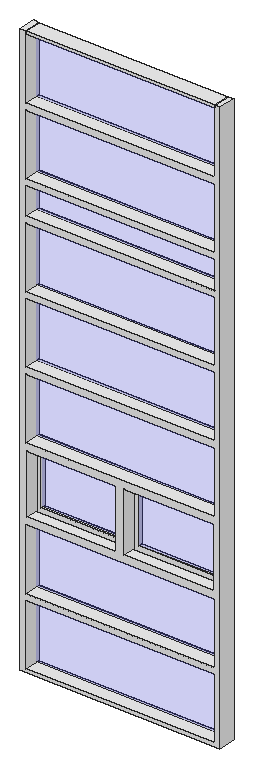
Revit family
Parameters
  창 패널 = ACW1 창 패널
  창 프레임 = ACW1 창 프레임
  높이 2 = 높이 1 * 2  # 600 mm
  높이 1 = Height / 17  # 300 mm
  Height = 5100 mm
  기본 씰 높이 = 0 mm
  Wall Closure = (empty or 0)
  Width = 1780 mm
  창 두께 = 150 mm
Reference planes
  plane 1: y = 0
  plane 2 "중심(왼쪽/오른쪽)": x = 0
  plane 3 "왼쪽": x = -890
  plane 4 "오른쪽": x = 890
  plane 5 "씰": z = 0
  plane 6 "헤드": z = 5100
  plane 7 "외부": y = 100
  plane 8 "내부": y = -100
  plane 9: z = 4500
  plane 10: z = 3900
  plane 11: z = 3600
  plane 12: z = 3000
  plane 13: z = 2400
  plane 14: z = 1800
  plane 15: z = 1200
  plane 16: z = 600
  plane 17: y = -75
  plane 18: y = 75
  plane 19: y = 66
  plane 20: y = 44
  plane 21: y = 35
  plane 22: x = -840
  plane 23: x = 840
  plane 24: z = 575
  plane 25: z = 625
  plane 26: z = 1175
  plane 27: z = 1225
  plane 28: z = 1775
  plane 29: z = 1825
  plane 30: z = 2375
  plane 31: z = 2425
  plane 32: z = 3025
  plane 33: z = 2975
  plane 34: z = 3575
  plane 35: z = 3625
  plane 36: z = 3875
  plane 37: z = 3925
  plane 38: z = 4475
  plane 39: z = 4525
  plane 40: z = 25
  plane 41: z = 5075
  plane 42: x = -25
  plane 43: x = 25
  plane 44: x = 432.5
  plane 45: x = -432.5
Forms (mm)
  Extrusion 1, solid, material "ACW1 창 프레임" <- "창 프레임"
    sketch origin (-2165.69, 265, 1175) x (0, 1, 0) y (1, 0, 0)
      loop
        line (-190, 3005.69) -> (-340, 3005.69) -> (-340, 1325.69) -> (-190, 1325.69) -> (-190, 3005.69)
    from 0 to -50
  Extrusion 2, solid, material "ACW1 창 프레임" <- "창 프레임"
    sketch origin (-2165.69, 265, 575) x (0, 1, 0) y (1, 0, 0)
      loop
        line (-190, 3005.69) -> (-340, 3005.69) -> (-340, 1325.69) -> (-190, 1325.69) -> (-190, 3005.69)
    from 0 to -50
  Extrusion 3, solid, material "ACW1 창 프레임" <- "창 프레임"
    sketch origin (-2165.69, 265, 1775) x (0, 1, 0) y (1, 0, 0)
      loop
        line (-190, 3005.69) -> (-340, 3005.69) -> (-340, 1325.69) -> (-190, 1325.69) -> (-190, 3005.69)
    from 0 to -50
  Extrusion 4, solid, material "ACW1 창 프레임" <- "창 프레임"
    sketch origin (-2165.69, 265, 2375) x (0, 1, 0) y (1, 0, 0)
      loop
        line (-190, 3005.69) -> (-340, 3005.69) -> (-340, 1325.69) -> (-190, 1325.69) -> (-190, 3005.69)
    from 0 to -50
  Extrusion 5, solid, material "ACW1 창 프레임" <- "창 프레임"
    sketch origin (-2165.69, 265, 2975) x (0, 1, 0) y (1, 0, 0)
      loop
        line (-190, 3005.69) -> (-340, 3005.69) -> (-340, 1325.69) -> (-190, 1325.69) -> (-190, 3005.69)
    from 0 to -50
  Extrusion 6, solid, material "ACW1 창 프레임" <- "창 프레임"
    sketch origin (-2165.69, 265, 3575) x (0, 1, 0) y (1, 0, 0)
      loop
        line (-190, 3005.69) -> (-340, 3005.69) -> (-340, 1325.69) -> (-190, 1325.69) -> (-190, 3005.69)
    from 0 to -50
  Extrusion 7, solid, material "ACW1 창 프레임" <- "창 프레임"
    sketch origin (-2165.69, 265, 3875) x (0, 1, 0) y (1, 0, 0)
      loop
        line (-190, 3005.69) -> (-340, 3005.69) -> (-340, 1325.69) -> (-190, 1325.69) -> (-190, 3005.69)
    from 0 to -50
  Extrusion 8, solid, material "ACW1 창 프레임" <- "창 프레임"
    sketch origin (-2165.69, 265, 4475) x (0, 1, 0) y (1, 0, 0)
      loop
        line (-190, 3005.69) -> (-340, 3005.69) -> (-340, 1325.69) -> (-190, 1325.69) -> (-190, 3005.69)
    from 0 to -50
  Extrusion 9, solid, material "ACW1 창 패널" <- "창 패널"
    sketch origin (0, 0, 0) x (1, 0, 0) y (0, 1, 0)
      loop
        line (-840, 66) -> (-840, 44) -> (840, 44) -> (840, 66) -> (-840, 66)
    from 25 to 575
  Extrusion 10, solid, material "ACW1 창 패널" <- "창 패널"
    sketch origin (0, 0, 575) x (1, 0, 0) y (0, 1, 0)
      loop
        line (-840, 66) -> (-840, 44) -> (840, 44) -> (840, 66) -> (-840, 66)
    from 50 to 600
  Extrusion 11, solid, material "ACW1 창 패널" <- "창 패널"
    sketch origin (0, 0, 1775) x (1, 0, 0) y (0, 1, 0)
      loop
        line (-840, 66) -> (-840, 44) -> (840, 44) -> (840, 66) -> (-840, 66)
    from 50 to 600
  Extrusion 12, solid, material "ACW1 창 패널" <- "창 패널"
    sketch origin (0, 0, 2375) x (1, 0, 0) y (0, 1, 0)
      loop
        line (-840, 66) -> (-840, 44) -> (840, 44) -> (840, 66) -> (-840, 66)
    from 50 to 600
  Extrusion 13, solid, material "ACW1 창 패널" <- "창 패널"
    sketch origin (0, 0, 2975) x (1, 0, 0) y (0, 1, 0)
      loop
        line (-840, 66) -> (-840, 44) -> (840, 44) -> (840, 66) -> (-840, 66)
    from 50 to 600
  Extrusion 14, solid, material "ACW1 창 패널" <- "창 패널"
    sketch origin (0, 0, 3575) x (1, 0, 0) y (0, 1, 0)
      loop
        line (-840, 66) -> (-840, 44) -> (840, 44) -> (840, 66) -> (-840, 66)
    from 50 to 300
  Extrusion 15, solid, material "ACW1 창 패널" <- "창 패널"
    sketch origin (0, 0, 3875) x (1, 0, 0) y (0, 1, 0)
      loop
        line (-840, 66) -> (-840, 44) -> (840, 44) -> (840, 66) -> (-840, 66)
    from 50 to 600
  Extrusion 16, solid, material "ACW1 창 패널" <- "창 패널"
    sketch origin (0, 0, 4475) x (1, 0, 0) y (0, 1, 0)
      loop
        line (-840, 66) -> (-840, 44) -> (840, 44) -> (840, 66) -> (-840, 66)
    from 50 to 600
  Extrusion 17, solid, material "ACW1 창 프레임" <- "창 프레임"
    sketch origin (0, 0, 0) x (1, 0, 0) y (0, 1, 0)
      loop
        line (-890, 75) -> (-890, -75) -> (-840, -75) -> (-840, 75) -> (-890, 75)
      loop
        line (840, 75) -> (840, -75) -> (890, -75) -> (890, 75) -> (840, 75)
    from 0 to 5100
  Extrusion 18, solid, material "ACW1 창 프레임" <- "창 프레임"
    sketch origin (-2165.69, 265, 0) x (0, 1, 0) y (1, 0, 0)
      loop
        line (-190, 3005.69) -> (-340, 3005.69) -> (-340, 1325.69) -> (-190, 1325.69) -> (-190, 3005.69)
    from 0 to -25
  Extrusion 19, solid, material "ACW1 창 프레임" <- "창 프레임"
    sketch origin (-2165.69, 265, 5050) x (0, 1, 0) y (1, 0, 0)
      loop
        line (-190, 3005.69) -> (-340, 3005.69) -> (-340, 1325.69) -> (-190, 1325.69) -> (-190, 3005.69)
    from -25 to -50
  Extrusion 20, solid, material "ACW1 창 프레임" <- "창 프레임"
    sketch origin (-2165.69, 265, 1225) x (0, 1, 0) y (1, 0, 0)
      loop
        line (-190, 2140.69) -> (-190, 2190.69) -> (-340, 2190.69) -> (-340, 2140.69) -> (-190, 2140.69)
    from 0 to -550
  Sweep 21, solid, material "ACW1 창 프레임" <- "창 프레임"
    path origin (-840, 75, 0) x (1, 0, 0) y (0, 0, -1)
      loop
        line (815, -1775) -> (815, -1225) -> (0, -1225) -> (0, -1775) -> (815, -1775)
    profile origin (-432.5, 75, 1775) x (0, 0, 1) y (0, 1, 0)
      loop
        line (0, 0) -> (-50, 0) -> (-50, -40) -> (0, -40) -> (0, 0)
  Sweep 22, solid, material "ACW1 창 프레임" <- "창 프레임"
    path origin (-840, 75, 0) x (1, 0, 0) y (0, 0, -1)
      loop
        line (1680, -1775) -> (1680, -1225) -> (865, -1225) -> (865, -1775) -> (1680, -1775)
    profile origin (432.5, 75, 1775) x (0, 0, 1) y (0, 1, 0)
      loop
        line (0, 0) -> (-50, 0) -> (-50, -40) -> (0, -40) -> (0, 0)
  Extrusion 23, solid, material "ACW1 창 패널" <- "창 패널"
    sketch origin (-2165.69, 265, 1225) x (0, 1, 0) y (1, 0, 0)
      loop
        line (-199, 1375.69) -> (-199, 2090.69) -> (-221, 2090.69) -> (-221, 1375.69) -> (-199, 1375.69)
      loop
        line (-199, 2240.69) -> (-199, 2955.69) -> (-221, 2955.69) -> (-221, 2240.69) -> (-199, 2240.69)
    from -50 to -500
  Sweep 24, solid, material "ACW1 창 프레임" <- "창 프레임"
    path origin (-25, 35, 1775) x (-1, 0, 0) y (0, 0, -1)
      loop
        line (0, 0) -> (815, 0) -> (815, 550) -> (0, 550) -> (0, 0)
    profile origin (-432.5, 35, 1775) x (0, 0, -1) y (0, -1, 0)
      loop
        line (0, 0) -> (10, 0) -> (10, 110) -> (0, 110) -> (0, 0)
  Sweep 25, solid, material "ACW1 창 프레임" <- "창 프레임"
    path origin (-25, 35, 1775) x (-1, 0, 0) y (0, 0, -1)
      loop
        line (-865, 0) -> (-50, 0) -> (-50, 550) -> (-865, 550) -> (-865, 0)
    profile origin (432.5, 35, 1775) x (0, 0, -1) y (0, -1, 0)
      loop
        line (0, 0) -> (10, 0) -> (10, 110) -> (0, 110) -> (0, 0)
Cuts and joins
  joined: Extrusion 1, Extrusion 2, Extrusion 3, Extrusion 4, Extrusion 5, Extrusion 6, Extrusion 7, Extrusion 8, Extrusion 17, Extrusion 18, Extrusion 20, Sweep 24, Sweep 25
Lines and regions (mm)
  Opening 1
    outline origin (3500, -100, 0) x (1, 0, 0) y (0, 0, 1)
      loop
        line (-2610, 0) -> (-2610, 5100) -> (-4390, 5100) -> (-4390, 0) -> (-2610, 0)
  symbolic lines, style "입면도 스윙"
    curve 1: line (432.5, 35, 1775) -> (840, 35, 1225)
    curve 2: line (432.5, 35, 1775) -> (25, 35, 1225)
    curve 3: line (-432.5, 35, 1775) -> (-25, 35, 1225)
    curve 4: line (-432.5, 35, 1775) -> (-840, 35, 1225)
Text (mm)
  text "외부" at (-1963.203, 1332.353, 0), in view "참조 레벨"
  text "내부" at (-1981.466, -818.386, 0), in view "참조 레벨"
  text "외부" at (0, 923.751, 2943.296), in view "오른쪽"
  text "외부" at (0, 1040.484, 2685.409), in view "왼쪽"
Dimensions and locks
  equal spacing: plane 3 "왼쪽", plane 2 "중심(왼쪽/오른쪽)", plane 4 "오른쪽"
  "Width": plane 3 "왼쪽" to plane 4 "오른쪽"
  "Height": plane 5 "씰" to plane 6 "헤드"
  "기본 씰 높이": plane 5 "씰" to level
  locked: plane 7 "외부" to host wall at 0
  locked: plane 8 "내부" to host wall
  "창 두께": plane 18 to plane 17
  equal spacing: plane 18, plane 1, plane 17
  plane 18 to plane 19 to plane 20 to plane 21 = 9 mm locked, 22 mm locked, 9 mm locked
  locked: plane 3 "왼쪽" to plane 22 at 50
  locked: plane 23 to plane 4 "오른쪽" at 50
  locked: plane 41 to plane 6 "헤드" at 25
  plane 42 to plane 2 "중심(왼쪽/오른쪽)" to plane 43 = 25 mm locked, 25 mm locked
  locked: cut or joined group 1 (Extrusion 1, Extrusion 2, Extrusion 3, Extrusion 4, Extrusion 5, Extrusion 6, Extrusion 7, Extrusion 8, Extrusion 17, Extrusion 18, Extrusion 20, Sweep 24, Sweep 25) to Sweep 21 sketch curve at 50
  locked: plane 5 "씰" to plane 40 at 25
  plane 38 to plane 9 to plane 39 = 25 mm locked, 25 mm locked
  plane 36 to plane 10 to plane 37 = 25 mm locked, 25 mm locked
  plane 34 to plane 11 to plane 35 = 25 mm locked, 25 mm locked
  plane 33 to plane 12 to plane 32 = 25 mm locked, 25 mm locked
  plane 30 to plane 13 to plane 31 = 25 mm locked, 25 mm locked
  plane 28 to plane 14 to plane 29 = 25 mm locked, 25 mm locked
  plane 26 to plane 15 to plane 27 = 25 mm locked, 25 mm locked
  plane 24 to plane 16 to plane 25 = 25 mm locked, 25 mm locked
  "높이 2": plane 9 to plane 6 "헤드"
  "높이 2": plane 10 to plane 9
  "높이 1": plane 11 to plane 10
  "높이 2": plane 12 to plane 11
  "높이 2": plane 13 to plane 12
  "높이 2": plane 14 to plane 13
  "높이 2": plane 15 to plane 14
  "높이 2": plane 16 to plane 15
  equal spacing: plane 23, plane 44, plane 43
  equal spacing: plane 42, plane 45, plane 22
  aligned and locked: Extrusion 9 to plane 24
  aligned and locked: Extrusion 10 to plane 26
  aligned and locked: plane 3 "왼쪽" to Extrusion 17 sketch curve
  aligned and locked: Extrusion 17 sketch curve to plane 18
  aligned and locked: plane 17 to Extrusion 17 sketch curve
  aligned and locked: plane 4 "오른쪽" to Extrusion 17 sketch curve
  aligned and locked: Extrusion 17 to host wall
  aligned and locked: Extrusion 19 to host wall
  aligned and locked: plane 41 to Extrusion 19
  aligned and locked: plane 42 to Extrusion 20 sketch curve
  aligned and locked: plane 18 to Extrusion 20 sketch curve
  aligned and locked: plane 17 to Extrusion 20 sketch curve
  aligned and locked: plane 43 to Extrusion 20 sketch curve
  aligned and locked: Sweep 21 sketch curve to Extrusion 20
  aligned and locked: cut or joined group 1 to Sweep 21 sketch curve  (x3)
  aligned and locked: Sweep 21 sketch curve to cut or joined group 1
  aligned and locked: Sweep 22 sketch curve to cut or joined group 1
  aligned and locked: Sweep 22 sketch curve to Sweep 21
  aligned and locked: Extrusion 23 sketch curve to Sweep 21  (x2)
  aligned and locked: plane 19 to Extrusion 23 sketch curve  (x2)
  aligned and locked: plane 20 to Extrusion 23 sketch curve  (x2)
  aligned and locked: Extrusion 23 sketch curve to Sweep 22  (x2)
  aligned and locked: Extrusion 19 to plane 6 "헤드"
  aligned and locked: plane 40 to Extrusion 18
  aligned and locked: plane 5 "씰" to Extrusion 18
  aligned and locked: plane 5 "씰" to Extrusion 17
  aligned and locked: Extrusion 9 to plane 40
  aligned and locked: Extrusion 16 to plane 41
  aligned and locked: Extrusion 8 to plane 39
  aligned and locked: plane 38 to Extrusion 8
  aligned and locked: plane 39 to Extrusion 16
  aligned and locked: Extrusion 15 to plane 38
  aligned and locked: Extrusion 7 to plane 37
  aligned and locked: plane 36 to Extrusion 7
  aligned and locked: plane 37 to Extrusion 15
  aligned and locked: Extrusion 14 to plane 36
  aligned and locked: Extrusion 6 to plane 35
  aligned and locked: plane 34 to Extrusion 6
  aligned and locked: plane 35 to Extrusion 14
  aligned and locked: Extrusion 13 to plane 34
  aligned and locked: Extrusion 5 to plane 32
  aligned and locked: plane 33 to Extrusion 5
  aligned and locked: plane 32 to Extrusion 13
  aligned and locked: Extrusion 12 to plane 33
  aligned and locked: plane 31 to Extrusion 12
  aligned and locked: Extrusion 11 to plane 30
  aligned and locked: Extrusion 3 to plane 29
  aligned and locked: plane 29 to Extrusion 11
  aligned and locked: plane 23 to Sweep 25 sketch curve
  aligned and locked: plane 43 to Sweep 25 sketch curve
  aligned and locked: Sweep 25 sketch curve to plane 27
  aligned and locked: Sweep 24 sketch curve to plane 42
  aligned and locked: Sweep 24 sketch curve to plane 27
  aligned and locked: Sweep 24 sketch curve to plane 22
  aligned and locked: plane 28 to Extrusion 3
  aligned and locked: Extrusion 20 to plane 28
  aligned and locked: plane 28 to Sweep 22 sketch curve
  aligned and locked: Extrusion 1 to plane 27
  aligned and locked: plane 26 to Extrusion 1
  aligned and locked: Extrusion 2 to plane 25
  aligned and locked: plane 25 to Extrusion 10
  aligned and locked: plane 24 to Extrusion 2
  aligned and locked: Sweep 22 sketch curve to plane 27
  aligned and locked: Extrusion 23 to Sweep 21
  aligned and locked: plane 30 to Extrusion 4
  aligned and locked: Extrusion 4 to plane 31
  aligned and locked: plane 43 to Sweep 22 sketch curve
  aligned and locked: plane 6 "헤드" to Opening 1 sketch curve
  aligned and locked: plane 3 "왼쪽" to Opening 1 sketch curve
  aligned and locked: plane 4 "오른쪽" to Opening 1 sketch curve
  aligned and locked: plane 5 "씰" to Opening 1 sketch curve
  aligned and locked: plane 44 to curve 1
  aligned and locked: plane 28 to curve 2
  aligned and locked: plane 27 to curve 1
  aligned and locked: plane 23 to curve 1
  aligned and locked: plane 43 to curve 2
  aligned and locked: plane 27 to curve 2
  aligned and locked: plane 42 to curve 3
  aligned and locked: plane 27 to curve 3
  aligned and locked: plane 27 to curve 4
  aligned and locked: plane 22 to curve 4
  aligned and locked: plane 45 to curve 4
  aligned and locked: plane 28 to curve 4
Automatic sketch dimensions
  Extrusion 1 sketch curve to plane 17 = 0 mm
  Extrusion 1 sketch curve to plane 18 = 0 mm
  Extrusion 1 sketch curve to plane 23 = 0 mm
  Extrusion 1 sketch curve to plane 22 = 0 mm
  Extrusion 2 sketch curve to plane 17 = 0 mm
  Extrusion 2 sketch curve to plane 18 = 0 mm
  Extrusion 2 sketch curve to plane 23 = 0 mm
  Extrusion 2 sketch curve to plane 22 = 0 mm
  Extrusion 3 sketch curve to plane 17 = 0 mm
  Extrusion 3 sketch curve to plane 18 = 0 mm
  Extrusion 3 sketch curve to plane 23 = 0 mm
  Extrusion 3 sketch curve to plane 22 = 0 mm
  Extrusion 4 sketch curve to plane 17 = 0 mm
  Extrusion 4 sketch curve to plane 18 = 0 mm
  Extrusion 4 sketch curve to plane 23 = 0 mm
  Extrusion 4 sketch curve to plane 22 = 0 mm
  Extrusion 5 sketch curve to plane 17 = 0 mm
  Extrusion 5 sketch curve to plane 18 = 0 mm
  Extrusion 5 sketch curve to plane 23 = 0 mm
  Extrusion 5 sketch curve to plane 22 = 0 mm
  Extrusion 6 sketch curve to plane 17 = 0 mm
  Extrusion 6 sketch curve to plane 18 = 0 mm
  Extrusion 6 sketch curve to plane 23 = 0 mm
  Extrusion 6 sketch curve to plane 22 = 0 mm
  Extrusion 7 sketch curve to plane 17 = 0 mm
  Extrusion 7 sketch curve to plane 18 = 0 mm
  Extrusion 7 sketch curve to plane 23 = 0 mm
  Extrusion 7 sketch curve to plane 22 = 0 mm
  Extrusion 8 sketch curve to plane 17 = 0 mm
  Extrusion 8 sketch curve to plane 18 = 0 mm
  Extrusion 8 sketch curve to plane 23 = 0 mm
  Extrusion 8 sketch curve to plane 22 = 0 mm
  Extrusion 9 sketch curve to plane 20 = 0 mm
  Extrusion 9 sketch curve to plane 22 = 0 mm
  Extrusion 9 sketch curve to plane 23 = 0 mm
  Extrusion 9 sketch curve to plane 19 = 0 mm
  Extrusion 10 sketch curve to plane 20 = 0 mm
  Extrusion 10 sketch curve to plane 22 = 0 mm
  Extrusion 10 sketch curve to plane 23 = 0 mm
  Extrusion 10 sketch curve to plane 19 = 0 mm
  Extrusion 11 sketch curve to plane 20 = 0 mm
  Extrusion 11 sketch curve to plane 22 = 0 mm
  Extrusion 11 sketch curve to plane 23 = 0 mm
  Extrusion 11 sketch curve to plane 19 = 0 mm
  Extrusion 12 sketch curve to plane 20 = 0 mm
  Extrusion 12 sketch curve to plane 22 = 0 mm
  Extrusion 12 sketch curve to plane 23 = 0 mm
  Extrusion 12 sketch curve to plane 19 = 0 mm
  Extrusion 13 sketch curve to plane 20 = 0 mm
  Extrusion 13 sketch curve to plane 22 = 0 mm
  Extrusion 13 sketch curve to plane 23 = 0 mm
  Extrusion 13 sketch curve to plane 19 = 0 mm
  Extrusion 14 sketch curve to plane 20 = 0 mm
  Extrusion 14 sketch curve to plane 22 = 0 mm
  Extrusion 14 sketch curve to plane 23 = 0 mm
  Extrusion 14 sketch curve to plane 19 = 0 mm
  Extrusion 15 sketch curve to plane 20 = 0 mm
  Extrusion 15 sketch curve to plane 22 = 0 mm
  Extrusion 15 sketch curve to plane 23 = 0 mm
  Extrusion 15 sketch curve to plane 19 = 0 mm
  Extrusion 16 sketch curve to plane 20 = 0 mm
  Extrusion 16 sketch curve to plane 22 = 0 mm
  Extrusion 16 sketch curve to plane 23 = 0 mm
  Extrusion 16 sketch curve to plane 19 = 0 mm
  Extrusion 18 sketch curve to plane 17 = 0 mm
  Extrusion 18 sketch curve to plane 18 = 0 mm
  Extrusion 18 sketch curve to plane 23 = 0 mm
  Extrusion 18 sketch curve to plane 22 = 0 mm
  Extrusion 19 sketch curve to plane 17 = 0 mm
  Extrusion 19 sketch curve to plane 18 = 0 mm
  Extrusion 19 sketch curve to plane 23 = 0 mm
  Extrusion 19 sketch curve to plane 22 = 0 mm
  Extrusion 17 sketch curve to plane 17 = 0 mm
  Extrusion 17 sketch curve to plane 22 = 0 mm
  Extrusion 17 sketch curve to plane 18 = 0 mm
  Extrusion 17 sketch curve to plane 23 = 0 mm
  Sweep 21 sketch curve to profile plane = 0 mm
  Sweep 21 sketch curve to profile plane = 40 mm
  Sweep 24 sketch curve to Sweep 21 = 0 mm
  Sweep 24 sketch curve to profile plane = 0 mm  (x2)
  Sweep 24 sketch curve to profile plane = 10 mm
  profile plane to Sweep 24 sketch curve = 110 mm
  Sweep 25 sketch curve to Sweep 21 = 0 mm
  Sweep 25 sketch curve to profile plane = 0 mm  (x2)
  Sweep 25 sketch curve to profile plane = 10 mm
  profile plane to Sweep 25 sketch curve = 110 mm
  Sweep 22 sketch curve to Extrusion 18 = 0 mm
  Sweep 22 sketch curve to profile plane = 0 mm
  profile plane to Sweep 22 sketch curve = 50 mm
